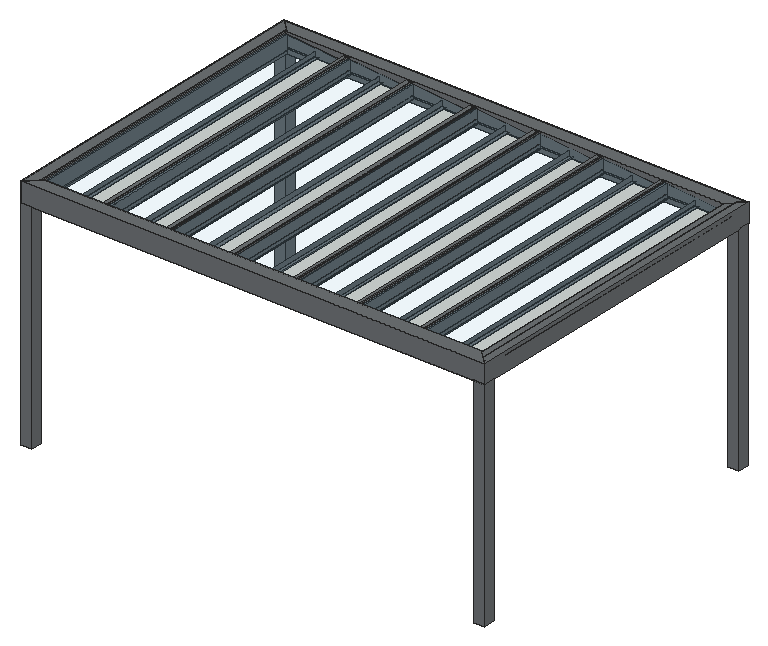
Revit family "Verano_V870_Belluno_GM_R21_Freestanding", category Generic Models, Revit 2021
Family settings
  Can host rebar = No
  Round Connector Dimension = Use Diameter
  Part Type = Normal
  Work Plane-Based = No
  Always vertical = Yes
  Cut with Voids When Loaded = No
  Shared = No
  Room Calculation Point = No
Parameters (values of type "TYPE 1 - Single")
  Width 2 Input (2500 - 4250mm) [instance] = 4250 mm
  Width 2 Constraint [instance] = if([Length 2 Input (1787 - 6000mm)] < 1787 mm, 1787 mm, if([Length 2 Input (1787 - 6000mm)] > 6000 mm, 6000 mm, [Length 2 Input (1787 - 6000mm)]))  # 6000 mm
  Width 1 Input (2500 - 4250mm) [instance] = 4250 mm
  Width 1 Constraint [instance] = if([Length 1 Input (1787 - 6000mm)] < 1787 mm, 1787 mm, if([Length 1 Input (1787 - 6000mm)] > 6000 mm, 6000 mm, [Length 1 Input (1787 - 6000mm)]))  # 6000 mm
  Warning - Width [instance] = if(or([Width 1 Input (2500 - 4250mm)] < 2500 mm, [Width 1 Input (2500 - 4250mm)] > 4250 mm, [Width 2 Input (2500 - 4250mm)] < 2500 mm, [Width 2 Input (2500 - 4250mm)] > 4250 mm), 1 = 1, 1 = 0)  # no
  Warning - Length [instance] = if(or([Length 1 Input (1787 - 6000mm)] < 1787 mm, [Length 1 Input (1787 - 6000mm)] > 6000 mm, [Length 2 Input (1787 - 6000mm)] < 1787 mm, [Length 2 Input (1787 - 6000mm)] > 6000 mm), 1 = 1, 1 = 0)  # no
  URL = ""
  Pillar Height Constraint [instance] = Height Constraint - 250 mm  # 2800 mm
  Panel Material [instance] = Glass
  Overall Width [instance] = if(TYPE = 1, Width 1 Constraint, if(TYPE = 3, Width 1 Constraint, Width 1 Constraint + Width 2 Constraint))  # 6000 mm
  Overall Depth [instance] = if(TYPE = 1, Depth 1 Constraint, if(TYPE = 2, Depth 1 Constraint, Depth 1 Constraint + Depth 2 Constraint))  # 4250 mm
  Model = "V870 Belluno"
  Manufacturer = "Verano Systems"
  Length 2 Input (1787 - 6000mm) [instance] = 6000 mm
  Length 1 Input (1787 - 6000mm) [instance] = 6000 mm
  Height Input (600 - 3050mm) [instance] = 3050 mm
  Height Constraint [instance] = if([Height Input (600 - 3050mm)] < 600 mm, 600 mm, if([Height Input (600 - 3050mm)] > 3050 mm, 3050 mm, [Height Input (600 - 3050mm)]))  # 3050 mm
  TYPE = 1
  Freestanding-Single = TYPE = 1  # yes
  Freestanding - Double Series = TYPE = 3  # no
  Freestanding - Double Parallel = TYPE = 2  # no
  Frame Material [instance] = V_Antracite
  Fabric Material [instance] = V_Fabric Beige
  Depth 2 Constraint [instance] = if([Width 2 Input (2500 - 4250mm)] < 2500 mm, 2500 mm, if([Width 2 Input (2500 - 4250mm)] > 4250 mm, 4250 mm, [Width 2 Input (2500 - 4250mm)]))  # 4250 mm
  Depth 1 Constraint [instance] = if([Width 1 Input (2500 - 4250mm)] < 2500 mm, 2500 mm, if([Width 1 Input (2500 - 4250mm)] > 4250 mm, 4250 mm, [Width 1 Input (2500 - 4250mm)]))  # 4250 mm
  Default Elevation = 0 mm
  Close Factor Constraint [instance] = if([Closing Factor (0-100%)] < 0, 0, if([Closing Factor (0-100%)] > 100, 100, [Closing Factor (0-100%)]))  # 50
  Closing Factor (0-100%) [instance] = 50
Types (3, lengths in mm): name | URL | Overall Width | Overall Depth | TYPE | Freestanding-Single | Freestanding - Double Series | Freestanding - Double Parallel | Close Factor Constraint | Closing Factor (0-100%)
  TYPE 1 - Single | "" | 6000 | 4250 | 1 | yes | no | no | 50 | 50
  TYPE 2 - Double Parallel | "" | 12000 | 4250 | 2 | no | no | yes | 50 | 50
  TYPE 3 - Double Series | "https://verano.nl/catalogus/lamellendaken" | 6000 | 8500 | 3 | no | yes | no | 100 | 100
Reference planes
  plane 1 "Center (Front/Back)": y = 0
  plane 2: z = 0
  plane 3 "Center (Left/Right)": x = 0
  plane 4: y = -4250
  plane 5: x = 6000
  plane 6: x = -6000
  plane 7: y = 4250
  plane 8: y = -4175
  plane 9: x = -5925
  plane 10: y = 4175
  plane 11: x = 5925
  plane 12: y = -75
  plane 13: x = -75
  plane 14: x = -3000
  plane 15: y = -2125
  plane 16: y = 2125
Lines and regions (mm)
  symbolic lines, style "GenericModelHiddenLines", visible <- "Freestanding - Double Series"
    curve 1: line (-6000, 4250, 0) -> (-6000, -4250, 0)
    curve 2: line (0, 4250, 0) -> (-6000, 4250, 0)
    curve 3: line (0, 4250, 0) -> (0, -4250, 0)
    curve 4: line (0, -4250, 0) -> (-6000, -4250, 0)
  symbolic lines, style "GenericModelHiddenLines", visible <- "Freestanding - Double Parallel"
    curve 5: line (6000, -4250, 0) -> (-6000, -4250, 0)
    curve 6: line (-6000, 0, 0) -> (-6000, -4250, 0)
    curve 7: line (6000, 0, 0) -> (6000, -4250, 0)
    curve 8: line (6000, 0, 0) -> (-6000, 0, 0)
  symbolic lines, style "GenericModelHiddenLines", visible <- "Freestanding-Single"
    curve 9: line (0, 0, 0) -> (-6000, 0, 0)
    curve 10: line (0, 0, 0) -> (0, -4250, 0)
    curve 11: line (0, -4250, 0) -> (-6000, -4250, 0)
    curve 12: line (-6000, 0, 0) -> (-6000, -4250, 0)
Dimensions and locks
  "Depth 1 Constraint": plane 4 to plane 1 "Center (Front/Back)"
  "Depth 2 Constraint": plane 1 "Center (Front/Back)" to plane 7
  "Width 1 Constraint": plane 6 to plane 3 "Center (Left/Right)"
  "Width 2 Constraint": plane 3 "Center (Left/Right)" to plane 5
  plane 4 to plane 7 = 8500 mm
  plane 6 to plane 5 = 12000 mm
  locked: plane 6 to plane 9 at 75
  locked: plane 4 to plane 8 at 75
  locked: plane 12 to plane 1 "Center (Front/Back)" at 75
  locked: plane 10 to plane 7 at 75
  locked: plane 13 to plane 3 "Center (Left/Right)" at 75
  locked: plane 11 to plane 5 at 75
  equal spacing: plane 6, plane 14, plane 3 "Center (Left/Right)"
  equal spacing: plane 4, plane 15, plane 1 "Center (Front/Back)"
  equal spacing: plane 1 "Center (Front/Back)", plane 16, plane 7
  aligned and locked: level to plane 2
  aligned and locked: nested 1 to plane 8
  aligned and locked: nested 1 to plane 9
  aligned and locked: plane 8 to nested 4
  aligned and locked: nested 4 to plane 13
  aligned and locked: nested 2 to plane 12
  aligned and locked: plane 9 to nested 2
  aligned and locked: plane 13 to nested 3
  aligned and locked: plane 12 to nested 3
  aligned and locked: nested 5 to plane 10
  aligned and locked: plane 9 to nested 5
  aligned and locked: plane 13 to nested 7
  aligned and locked: plane 10 to nested 7
  aligned and locked: nested 6 to plane 1 "Center (Front/Back)"
  aligned and locked: plane 9 to nested 6
  aligned and locked: plane 13 to nested 8
  aligned and locked: plane 1 "Center (Front/Back)" to nested 8
  aligned and locked: plane 11 to nested 10
  aligned and locked: plane 12 to nested 10
  aligned and locked: nested 12 to plane 3 "Center (Left/Right)"
  aligned and locked: plane 8 to nested 12
  aligned and locked: plane 12 to nested 11
  aligned and locked: plane 3 "Center (Left/Right)" to nested 11
  aligned and locked: nested 9 to plane 11
  aligned and locked: plane 8 to nested 9
  aligned and locked: nested 13 to plane 9
  aligned and locked: nested 13 to plane 8
  aligned and locked: plane 8 to nested 14
  aligned and locked: nested 14 to plane 13
  aligned and locked: plane 9 to nested 15
  aligned and locked: nested 15 to plane 12
  aligned and locked: nested 16 to plane 15
  aligned and locked: nested 16 to plane 14
  aligned and locked: nested 17 to plane 3 "Center (Left/Right)"
  aligned and locked: nested 17 to plane 15
  aligned and locked: nested 18 to plane 16
  aligned and locked: nested 18 to plane 14
  aligned and locked: curve 2 to plane 7
  aligned and locked: curve 3 to plane 3 "Center (Left/Right)"
  aligned and locked: curve 4 to plane 4
  aligned and locked: curve 5 to plane 4
  aligned and locked: curve 6 to plane 6
  aligned and locked: curve 7 to plane 5
  aligned and locked: curve 8 to plane 1 "Center (Front/Back)"
  aligned and locked: curve 9 to plane 1 "Center (Front/Back)"
  aligned and locked: curve 10 to plane 3 "Center (Left/Right)"
Nested families
  nested 1: "Pillar" at (-5925, -4175, 0), type "Pillar"
    with Pillar Height 2800 mm
  nested 2: "Pillar" at (-5925, -75, 0), visible <- "Freestanding-Single", type "Pillar"
    with Pillar Height 2800 mm
  nested 3: "Pillar" at (-75, -75, 0), visible <- "Freestanding-Single", type "Pillar"
    with Pillar Height 2800 mm
  nested 4: "Pillar" at (-75, -4175, 0), visible <- "Freestanding-Single", type "Pillar"
    with Pillar Height 2800 mm
  nested 5: "Pillar" at (-5925, 4175, 0), visible <- "Freestanding - Double Series", type "Pillar"
    with Pillar Height 2800 mm
  nested 6: "Pillar" at (-5925, 0, 0), visible <- "Freestanding - Double Series", type "Pillar"
    with Pillar Height 2800 mm
  nested 7: "Pillar" at (-75, 4175, 0), visible <- "Freestanding - Double Series", type "Pillar"
    with Pillar Height 2800 mm
  nested 8: "Pillar" at (-75, 0, 0), visible <- "Freestanding - Double Series", type "Pillar"
    with Pillar Height 2800 mm
  nested 9: "Pillar" at (5925, -4175, 0), visible <- "Freestanding - Double Parallel", type "Pillar"
    with Pillar Height 2800 mm
  nested 10: "Pillar" at (5925, -75, 0), visible <- "Freestanding - Double Parallel", type "Pillar"
    with Pillar Height 2800 mm
  nested 11: "Pillar" at (0, -75, 0), visible <- "Freestanding - Double Parallel", type "Pillar"
    with Pillar Height 2800 mm
  nested 12: "Pillar" at (0, -4175, 0), visible <- "Freestanding - Double Parallel", type "Pillar"
    with Pillar Height 2800 mm
  nested 13: "Pillar" at (-5925, -4175, 0), visible <- "Freestanding - Double Parallel", type "Pillar"
    with Pillar Height 2800 mm
  nested 14: "Pillar" at (-75, -4175, 0), visible <- "Freestanding - Double Series", type "Pillar"
    with Pillar Height 2800 mm
  nested 15: "Pillar" at (-5925, -75, 0), visible <- "Freestanding - Double Parallel", type "Pillar"
    with Pillar Height 2800 mm
  nested 16: "Frame_TYPE 1" at (-3000, -2125, 2800), built-in parameter 1001360 <- "Pillar Height Constraint", type "Frame_TYPE 1"
    with Width 6000 mm, Segment Width 817.857 mm, Openness Percentage (1 - 100) 50, Openness Maximal 737.857 mm, Internal Width 5645 mm, Internal Depth 3895 mm, Glass Width 788.418 mm, Fabric Width 433.929 mm, Fabric Openness 368.929 mm, Depth 4250 mm, Clear Segment Width 737.857 mm, Angle 2 4.61966°, Angle 1 4.61966°
  nested 17: "Frame_TYPE 1" at (2997.5, -2125, 2800), built-in parameter 1001360 <- "Pillar Height Constraint", visible <- "Freestanding - Double Parallel", type "Frame_TYPE 2"
    with Width 6000 mm, Segment Width 817.857 mm, Openness Percentage (1 - 100) 50, Openness Maximal 737.857 mm, Internal Width 5645 mm, Internal Depth 3895 mm, Glass Width 788.418 mm, Fabric Width 433.929 mm, Fabric Openness 368.929 mm, Depth 4250 mm, Clear Segment Width 737.857 mm, Angle 2 4.61966°, Angle 1 4.61966°
  nested 18: "Frame_TYPE 1" at (-3000, 2125, 2800), visible <- "Freestanding - Double Series", built-in parameter 1001360 <- "Pillar Height Constraint", type "Frame_TYPE 3"
    with Width 6000 mm, Segment Width 817.857 mm, Openness Percentage (1 - 100) 50, Openness Maximal 737.857 mm, Internal Width 5645 mm, Internal Depth 3895 mm, Glass Width 788.418 mm, Fabric Width 433.929 mm, Fabric Openness 368.929 mm, Depth 4250 mm, Clear Segment Width 737.857 mm, Angle 2 4.61966°, Angle 1 4.61966°
Definition of nested family "Pillar"
  Parameters (values of type "Pillar")
    Pillar Height = 2500 mm
    Frame Material = none
    Default Elevation = 0 mm
  Reference planes
    plane 1 "Center (Front/Back)": y = 0
    plane 2: z = 0
    plane 3 "Center (Left/Right)": x = 0
    plane 4: z = 2500
  Forms (mm)
    Extrusion 1, solid, material <- "Frame Material"
      sketch origin (0, 0, 0) x (1, 0, 0) y (0, 1, 0)
        loop
          line (73, 75) -> (-73, 75) -> (-75, 73) -> (-75, -73) -> (-73, -75) -> (73, -75) -> (75, -73) -> (75, 73) -> (73, 75)
      from 0 to 2500
  Dimensions and locks
    "Pillar Height": plane 4 to level
    aligned and locked: level to plane 2
    aligned and locked: plane 4 to Extrusion 1
  Automatic sketch dimensions
    Extrusion 1 sketch curve to Extrusion 1 sketch curve = 2 mm  (x7)
    Extrusion 1 sketch curve to plane 1 "Center (Front/Back)" = 73 mm  (x2)
    Extrusion 1 sketch curve to plane 3 "Center (Left/Right)" = 75 mm
    plane 3 "Center (Left/Right)" to Extrusion 1 sketch curve = 73 mm
    plane 1 "Center (Front/Back)" to Extrusion 1 sketch curve = 73 mm
Definition of nested family "Frame_TYPE 1"
  Parameters (values of type "Frame_TYPE 1")
    Width = 5987 mm
    Segment Width = (Internal Width + 80 mm) / Number of Segments Constraint  # 816 mm
    Panel Material = none
    Openness Percentage (1 - 100) = 25
    Openness Maximal = Segment Width - 80 mm  # 736 mm
    Openness Minimal = 0 mm  # constant formula
    Number of Segments Constraint = if(Number of Segments < 3, 3, Number of Segments)  # 7
    Number of Segments = Internal Width / 800 mm  # 7
    Number of Rails = Number of Segments Constraint - 1  # 6
    Internal Width = Width - 2 * 177.5 mm  # 5632 mm
    Internal Depth = Depth - 2 * 177.5 mm  # 3632 mm
    Glass Width = sqrt((Segment Width - 2 * 16 mm) ^ 2 + 63.5 mm ^ 2)  # 786.567 mm
    Frame Material = none
    Fabric Width = Fabric Openness + 30 mm + 35 mm  # 249 mm
    Fabric Openness = (Openness Maximal - Openness Minimal) * [Openness Percentage (1 - 100)] / 100  # 184 mm
    Fabric Material = none
    Depth = 3987 mm
    Default Elevation = 0 mm
    Clear Segment Width = Segment Width - 80 mm  # 736 mm
    Angle 2 = asin(63.5 mm / Glass Width)  # 4.63056°
    Angle 1 = acos((Segment Width - 2 * 16 mm) / Glass Width)  # 4.63056°
  Reference planes
    plane 1 "Center (Front/Back)": y = 0
    plane 2: z = 0
    plane 3 "Center (Left/Right)": x = 0
    plane 4: x = 2993.5
    plane 5: x = -2993.5
    plane 6: y = 1993.5
    plane 7: y = -1993.5
    plane 8: x = -2816
    plane 9: x = 2816
    plane 10: y = 1816
    plane 11: y = -1816
    plane 12: x = -2856
    plane 13 "C1": x = -2040
    plane 14: x = 2856
    plane 15: x = 2040
    plane 16: x = -2224
    plane 17: x = 2672
    plane 18 "Fabric": z = 67
  Lines and regions (mm)
    model lines
      curve 1: line (-2815.998, 0, 247.618) -> (-2840, 0, 247.618)
      curve 2: line (-2815.998, 0, 231.618) -> (-2815.998, 0, 247.618)
      curve 3: line (-2840, 0, 247.618) -> (-2840, 0, 224.659)
  Dimensions and locks
    equal spacing: plane 5, plane 3 "Center (Left/Right)", plane 4
    "Width": plane 5 to plane 4
    equal spacing: plane 7, plane 1 "Center (Front/Back)", plane 6
    "Depth": plane 7 to plane 6
    locked: plane 7 to plane 11 at 177.5
    locked: plane 10 to plane 6 at 177.5
    locked: plane 5 to plane 8 at 177.5
    locked: plane 9 to plane 4 at 177.5
    locked: plane 5 to plane 12 at 137.5
    "Segment Width": plane 12 to plane 13 "C1"
    locked: plane 14 to plane 4 at 137.5
    "Segment Width": plane 15 to plane 14
    plane 13 "C1" to plane 15 = 4080 mm
    "Fabric Openness": plane 16 to plane 13 "C1"
    "Fabric Openness": plane 17 to plane 14
    equal spacing: group 1, group 3, group 4, group 10, group 11, group 2  (x3)
    equal spacing: group 5, group 7, group 8, group 9, group 12, group 13, group 6  (x3)
    aligned and locked: level to plane 2
    aligned and locked: nested 1 to plane 1 "Center (Front/Back)"
    aligned and locked: plane 1 "Center (Front/Back)" to nested 2
    aligned and locked: plane 5 to nested 1
    aligned and locked: plane 4 to nested 2
    aligned and locked: nested 4 to plane 3 "Center (Left/Right)"
    aligned and locked: plane 3 "Center (Left/Right)" to nested 3
    aligned and locked: nested 3 to plane 6
    aligned and locked: nested 4 to plane 7
    aligned and locked: nested 5 to plane 1 "Center (Front/Back)"
    aligned and locked: nested 6 to plane 1 "Center (Front/Back)"
    aligned and locked: plane 16 to nested 6
    aligned and locked: plane 13 "C1" to nested 5
    aligned and locked: plane 1 "Center (Front/Back)" to nested 7
    aligned and locked: plane 15 to nested 7
    aligned and locked: plane 1 "Center (Front/Back)" to nested 10
    aligned and locked: plane 17 to nested 10
  Automatic sketch dimensions
    plane 12 to curve 3 = 16 mm
    plane 8 to curve 2 = 0.002 mm
    curve 2 to curve 1 = 16 mm
    curve 3 to curve 1 = 22.959 mm
    curve 2 to plane 18 "Fabric" = 180.618 mm
  Nested families
    nested 1: "External Profile_P3" at (-2993.5, 0, 0), type "External Profile_P3"
      with Length 3987 mm, Glass Width 786.567 mm, Glass Angle 4.63056°
    nested 2: "External Profile_P2" at (2993.5, 0, 0), type "External Profile_P2"
      with Length 3987 mm
    nested 3: "External Profile_P1" at (0, 1993.5, 0), type "External Profile_P1"
      with Length 5987 mm
    nested 4: "External Profile_P1" at (0, -1993.5, 0) x (-1, 0, 0) z (0, 0, 1), type "External Profile_P1"
      with Length 5987 mm
    nested 5: "Middle Rail" at (-2040, 0, 0), type "Middle Rail"
      with Glass Width 786.567 mm, Glass Angle 4.63056°
    nested 6: "Sliding Mask" at (-2224, 0, 0), type "Sliding Mask"
      with Length 3632 mm, Fabric Width 249 mm
    nested 7: "Middle Rail" at (2040, 0, 0), type "Middle Rail"
      with Glass Width 786.567 mm, Glass Angle 4.63056°
    nested 8: "Middle Rail" at (-1224, 0, 0), type "Middle Rail"
      with Glass Width 786.567 mm, Glass Angle 4.63056°
    nested 9: "Middle Rail" at (-408, 0, 0), type "Middle Rail"
      with Glass Width 786.567 mm, Glass Angle 4.63056°
    nested 10: "Sliding Mask" at (2672, 0, 0), type "Sliding Mask"
      with Length 3632 mm, Fabric Width 249 mm
    nested 11: "Sliding Mask" at (-1408, 0, 0), type "Sliding Mask"
      with Length 3632 mm, Fabric Width 249 mm
    nested 12: "Sliding Mask" at (-592, 0, 0), type "Sliding Mask"
      with Length 3632 mm, Fabric Width 249 mm
    nested 13: "Sliding Mask" at (224, 0, 0), type "Sliding Mask"
      with Length 3632 mm, Fabric Width 249 mm
    nested 14: "Middle Rail" at (408, 0, 0), type "Middle Rail"
      with Glass Width 786.567 mm, Glass Angle 4.63056°
    nested 15: "Middle Rail" at (1224, 0, 0), type "Middle Rail"
      with Glass Width 786.567 mm, Glass Angle 4.63056°
    nested 16: "Sliding Mask" at (1040, 0, 0), type "Sliding Mask"
      with Length 3632 mm, Fabric Width 249 mm
    nested 17: "Sliding Mask" at (1856, 0, 0), type "Sliding Mask"
      with Length 3632 mm, Fabric Width 249 mm
  Definition of nested family "External Profile_P3"
    Parameters (values of type "External Profile_P3")
      Panel Material = none
      Length = 5000 mm
      Glass Width = 250 mm
      Glass Angle = 5.10°
      Frame Material = none
      Default Elevation = 0 mm
    Reference planes
      plane 1 "Center (Front/Back)": y = 0
      plane 2: z = 0
      plane 3 "Center (Left/Right)": x = 0
      plane 4: y = 2500
      plane 5: y = -2500
      plane 6: y = 2322.49
      plane 7: y = -2322.49
      plane 8: x = 177.502
      plane 9 "GSH": z = 224.618
      plane 10 "GSV": x = 153.502
      plane 11: z = 228.618
      plane 12: z = 220.618
    Forms (mm)
      Extrusion 1, solid, material <- "Frame Material"
        sketch origin (0, 0, 0) x (1, 0, 0) y (0, 0, 1)
          loop
            line (0, 247.618) -> (0, 0) -> (177.502, 0) -> (177.502, 27) -> (160.754, 27) -> (151.502, 17.747) -> (151.502, 3) -> (2.5, 3) -> (2.5, 245.121) -> (142.51, 245.121) -> (142.51, 207.121) -> (175.51, 207.121) -> (175.51, 34.872) -> (137.76, 34.872) -> (137.76, 32.072) -> (175.51, 32.072)
            arc (175.51, 32.072) -> (176.924, 32.658) -> (177.51, 34.072) r 2
            line (177.51, 34.072) -> (177.51, 216.228) -> (160.51, 217.715) -> (160.51, 209.121) -> (144.51, 209.121) -> (144.51, 245.121) -> (175.885, 245.121) -> (175.885, 238.421) -> (177.502, 238.421) -> (177.502, 245.618)
            arc (177.502, 245.618) -> (176.916, 247.032) -> (175.502, 247.618) r 2
            line (175.502, 247.618) -> (0, 247.618)
        from -2500 to 2500
      Extrusion 2, void
        sketch origin (0, 0, 0) x (1, 0, 0) y (0, 1, 0)
          loop
            line (0, 2500) -> (177.51, 2322.49) -> (354.287, 2499.267) -> (176.777, 2676.777) -> (0, 2500)
        from 0 to 250
      Extrusion 3, void
        sketch origin (0, 0, 0) x (1, 0, 0) y (0, 1, 0)
          loop
            line (0, -2500) -> (176.777, -2676.777) -> (354.287, -2499.267) -> (177.51, -2322.49) -> (0, -2500)
        from 0 to 250
      Revolve 4, solid, not visible
        sketch origin (153.502, 0, 0) x (0, 0, -1) y (0, -1, 0)
          loop
            line (-228.618, -2322.49) -> (-220.618, -2322.49) -> (-220.618, 2322.49) -> (-228.618, 2322.49) -> (-228.618, -2322.49)
          axis (-220.618, 2322.49) -> (-220.618, -2322.49)
        angle from 5.1 <- "Glass Angle" to -90
      Extrusion 5, solid, material <- "Panel Material"
        sketch origin (153.502, -2826.516, 220.618) x (0, 1, 0) y (0.088894, 0, 0.996041)
          loop
            line (5149.006, 8) -> (504.026, 8) -> (504.026, 0) -> (5149.006, 0) -> (5149.006, 8)
        from 0 to 250 <- "Glass Width"
    Cuts and joins
      Extrusion 2, Extrusion 3 cuts Extrusion 1
    Dimensions and locks
      equal spacing: plane 5, plane 1 "Center (Front/Back)", plane 4
      "Length": plane 5 to plane 4
      locked: plane 6 to plane 4 at 177.51
      locked: plane 5 to plane 7 at 177.51
      locked: plane 3 "Center (Left/Right)" to plane 8 at 177.502
      locked: plane 10 "GSV" to plane 8 at 24
      locked: plane 9 "GSH" to plane 2 at 224.618
      equal spacing: plane 11, plane 9 "GSH", plane 12
      locked: plane 11 to plane 12 at 8
      aligned and locked: level to plane 2
      aligned and locked: Extrusion 1 to plane 4
      aligned and locked: plane 5 to Extrusion 1
      aligned and locked: plane 4 to Extrusion 2 sketch curve
      aligned and locked: plane 6 to Extrusion 2 sketch curve
      aligned and locked: plane 7 to Extrusion 3 sketch curve
      aligned and locked: plane 5 to Extrusion 3 sketch curve
      aligned and locked: plane 6 to Revolve 4 sketch curve
      aligned and locked: plane 11 to Revolve 4 sketch curve
      aligned and locked: plane 12 to Revolve 4 sketch curve
      aligned and locked: Revolve 4 sketch curve to plane 7
      aligned and locked: Extrusion 5 sketch curve to Revolve 4  (x3)
      aligned and locked: Revolve 4 to Extrusion 5 sketch curve
    Automatic sketch dimensions
      Extrusion 1 sketch curve to level = 0 mm
      Extrusion 1 sketch curve to plane 3 "Center (Left/Right)" = 0 mm
      plane 8 to Extrusion 1 sketch curve = 0 mm
      plane 3 "Center (Left/Right)" to Extrusion 1 sketch curve = 2.5 mm
      plane 8 to Extrusion 1 sketch curve = 39.742 mm
      plane 8 to Extrusion 1 sketch curve = 34.992 mm
      Extrusion 1 sketch curve to Extrusion 1 sketch curve = 2 mm  (x2)
      level to Extrusion 1 sketch curve = 3 mm
      plane 8 to Extrusion 1 sketch curve = 26.001 mm
      plane 8 to Extrusion 1 sketch curve = 16.992 mm
      Extrusion 1 sketch curve to Extrusion 1 sketch curve = 9.253 mm
      plane 8 to Extrusion 1 sketch curve = 2 mm
      plane 8 to Extrusion 1 sketch curve = 1.992 mm  (x2)
      plane 8 to Extrusion 1 sketch curve = 1.618 mm
      plane 8 to Extrusion 1 sketch curve = 0.001 mm
      Extrusion 1 sketch curve to plane 8 = 0.008 mm
      Extrusion 1 sketch curve to Extrusion 1 sketch curve = 14.747 mm
      level to Extrusion 1 sketch curve = 27 mm
      Extrusion 1 sketch curve to Extrusion 1 sketch curve = 5.072 mm
      Extrusion 1 sketch curve to Extrusion 1 sketch curve = 2.8 mm
      Extrusion 1 sketch curve to Extrusion 1 sketch curve = 172.249 mm
      Extrusion 1 sketch curve to Extrusion 1 sketch curve = 9.107 mm
      Extrusion 1 sketch curve to Extrusion 1 sketch curve = 8.594 mm
      Extrusion 1 sketch curve to Extrusion 1 sketch curve = 22.193 mm
      Extrusion 1 sketch curve to Extrusion 1 sketch curve = 27.406 mm
      Extrusion 1 sketch curve to Extrusion 1 sketch curve = 6.7 mm
      Extrusion 1 sketch curve to Extrusion 1 sketch curve = 0.497 mm
      Extrusion 2 sketch curve to plane 3 "Center (Left/Right)" = 0 mm
      plane 8 to Extrusion 2 sketch curve = 0.725 mm
      Extrusion 2 sketch curve to plane 8 = 0.008 mm
      Extrusion 3 sketch curve to plane 3 "Center (Left/Right)" = 0 mm
      plane 8 to Extrusion 3 sketch curve = 0.725 mm
      Extrusion 3 sketch curve to plane 8 = 0.008 mm
      plane 12 to Revolve 4 sketch curve = 0 mm
      Revolve 4 sketch curve to plane 4 = 176.777 mm
      plane 5 to Revolve 4 sketch curve = 326.516 mm
  Definition of nested family "External Profile_P2"
    Parameters (values of type "External Profile_P2")
      Length = 3000 mm
      Frame Material = none
      Default Elevation = 0 mm
    Reference planes
      plane 1 "Center (Front/Back)": y = 0
      plane 2: z = 0
      plane 3 "Center (Left/Right)": x = 0
      plane 4: y = 1500
      plane 5: y = -1500
      plane 6: x = -177.502
      plane 7: y = 1322.498
      plane 8: y = -1322.498
    Forms (mm)
      Extrusion 1, solid, material <- "Frame Material"
        sketch origin (0, 0, 0) x (1, 0, 0) y (0, 0, 1)
          loop
            line (0, 247.618) -> (-175.502, 247.618)
            arc (-175.502, 247.618) -> (-176.916, 247.032) -> (-177.502, 245.618) r 2
            line (-177.502, 245.618) -> (-177.502, 238.421) -> (-175.885, 238.421) -> (-175.885, 245.121) -> (-147.002, 245.121) -> (-147.002, 237.921) -> (-173.5, 237.921) -> (-173.5, 179.916) -> (-145.5, 179.916) -> (-145.5, 174.621) -> (-132.5, 161.621) -> (-132.5, 152.534) -> (-173.5, 156.121) -> (-173.5, 113.121)
            arc (-173.5, 113.121) -> (-172.036, 109.585) -> (-168.5, 108.121) r 5
            line (-168.5, 108.121) -> (-99.5, 108.121) -> (-99.5, 245.121) -> (-2.5, 245.121) -> (-2.5, 3) -> (-116.5, 3) -> (-116.5, 68.001) -> (-118.5, 68.001) -> (-118.5, 27) -> (-138.002, 27) -> (-138.002, 17) -> (-150.754, 17) -> (-160.754, 27) -> (-177.502, 27) -> (-177.502, 0) -> (0, 0) -> (0, 247.618)
          loop
            arc (-115.65, 83.486) -> (-119.983, 87.122) -> (-123.619, 82.789) r 4
            line (-123.619, 82.789) -> (-122.5, 69.995) -> (-122.5, 47.134)
            arc (-122.5, 47.134) -> (-122.793, 46.427) -> (-123.5, 46.134) r 1
            line (-123.5, 46.134) -> (-130.5, 46.134)
            arc (-130.5, 46.134) -> (-130.962, 45.825) -> (-130.854, 45.28) r 0.5
            line (-130.854, 45.28) -> (-129.5, 43.927) -> (-129.5, 43.136) -> (-128.5, 42.136) -> (-129.5, 41.136) -> (-129.5, 40.345) -> (-130.854, 38.991)
            arc (-130.854, 38.991) -> (-130.962, 38.446) -> (-130.5, 38.137) r 0.5
            line (-130.5, 38.137) -> (-123, 38.137)
            arc (-123, 38.137) -> (-121.586, 38.723) -> (-121, 40.137) r 2
            line (-121, 40.137) -> (-121, 70.06) -> (-122.125, 82.92)
            arc (-122.125, 82.92) -> (-119.852, 85.628) -> (-117.144, 83.355) r 2.5
            line (-117.144, 83.355) -> (-115.75, 67.42) -> (-115.75, 60.975) -> (-114.25, 60.975) -> (-114.25, 67.487) -> (-115.65, 83.486)
        from -1500 to 1500
      Extrusion 2, void
        sketch origin (0, 0, 0) x (1, 0, 0) y (0, 1, 0)
          loop
            line (-177.502, 1322.498) -> (0, 1500) -> (-176.777, 1676.777) -> (-354.279, 1499.275) -> (-177.502, 1322.498)
        from 0 to 250
      Extrusion 3, void
        sketch origin (0, 0, 0) x (1, 0, 0) y (0, 1, 0)
          loop
            line (-177.502, -1322.498) -> (-354.279, -1499.275) -> (-176.777, -1676.777) -> (0, -1500) -> (-177.502, -1322.498)
        from 0 to 250
    Cuts and joins
      Extrusion 2, Extrusion 3 cuts Extrusion 1
    Dimensions and locks
      equal spacing: plane 5, plane 1 "Center (Front/Back)", plane 4
      "Length": plane 5 to plane 4
      locked: plane 7 to plane 4 at 177.502
      locked: plane 6 to plane 3 "Center (Left/Right)" at 177.502  (x2)
      locked: plane 5 to plane 8 at 177.502
      aligned and locked: level to plane 2
      aligned and locked: Extrusion 1 to plane 4
      aligned and locked: plane 5 to Extrusion 1
      aligned and locked: plane 7 to Extrusion 2 sketch curve
      aligned and locked: plane 4 to Extrusion 2 sketch curve
      aligned and locked: plane 8 to Extrusion 3 sketch curve
      aligned and locked: plane 5 to Extrusion 3 sketch curve
    Automatic sketch dimensions
      Extrusion 1 sketch curve to Extrusion 1 sketch curve = 0 mm  (x4)
      Extrusion 1 sketch curve to plane 6 = 0 mm
      Extrusion 1 sketch curve to level = 0 mm
      Extrusion 1 sketch curve to plane 3 "Center (Left/Right)" = 0 mm
      plane 6 to Extrusion 1 sketch curve = 0.001 mm
      plane 6 to Extrusion 1 sketch curve = 1.618 mm
      Extrusion 1 sketch curve to Extrusion 1 sketch curve = 0.382 mm
      Extrusion 1 sketch curve to Extrusion 1 sketch curve = 2.385 mm
      plane 6 to Extrusion 1 sketch curve = 4.002 mm
      Extrusion 1 sketch curve to Extrusion 1 sketch curve = 5 mm
      Extrusion 1 sketch curve to Extrusion 1 sketch curve = 16.747 mm
      Extrusion 1 sketch curve to Extrusion 1 sketch curve = 10 mm  (x2)
      Extrusion 1 sketch curve to Extrusion 1 sketch curve = 26.498 mm
      Extrusion 1 sketch curve to Extrusion 1 sketch curve = 28 mm
      Extrusion 1 sketch curve to Extrusion 1 sketch curve = 12.753 mm
      Extrusion 1 sketch curve to Extrusion 1 sketch curve = 13 mm  (x2)
      Extrusion 1 sketch curve to Extrusion 1 sketch curve = 7.148 mm
      Extrusion 1 sketch curve to Extrusion 1 sketch curve = 0.354 mm  (x3)
      Extrusion 1 sketch curve to Extrusion 1 sketch curve = 1.354 mm  (x3)
      Extrusion 1 sketch curve to Extrusion 1 sketch curve = 1 mm  (x3)
      Extrusion 1 sketch curve to Extrusion 1 sketch curve = 6.881 mm
      Extrusion 1 sketch curve to Extrusion 1 sketch curve = 6 mm
      Extrusion 1 sketch curve to Extrusion 1 sketch curve = 5.5 mm
      Extrusion 1 sketch curve to Extrusion 1 sketch curve = 1.494 mm  (x2)
      Extrusion 1 sketch curve to Extrusion 1 sketch curve = 1.5 mm  (x2)
      Extrusion 1 sketch curve to Extrusion 1 sketch curve = 2.49 mm  (x2)
      Extrusion 1 sketch curve to Extrusion 1 sketch curve = 4.5 mm
      Extrusion 1 sketch curve to Extrusion 1 sketch curve = 2 mm
      Extrusion 1 sketch curve to Extrusion 1 sketch curve = 0.75 mm
      Extrusion 1 sketch curve to Extrusion 1 sketch curve = 47.502 mm
      Extrusion 1 sketch curve to plane 3 "Center (Left/Right)" = 2.5 mm
      level to Extrusion 1 sketch curve = 3 mm
      level to Extrusion 1 sketch curve = 17 mm
      level to Extrusion 1 sketch curve = 27 mm
      Extrusion 1 sketch curve to Extrusion 1 sketch curve = 11.137 mm
      Extrusion 1 sketch curve to Extrusion 1 sketch curve = 0.5 mm  (x2)
      Extrusion 1 sketch curve to Extrusion 1 sketch curve = 0.791 mm  (x2)
      Extrusion 1 sketch curve to Extrusion 1 sketch curve = 13.841 mm
      Extrusion 1 sketch curve to Extrusion 1 sketch curve = 6.444 mm
      Extrusion 1 sketch curve to Extrusion 1 sketch curve = 0.067 mm
      Extrusion 1 sketch curve to Extrusion 1 sketch curve = 0.581 mm
      Extrusion 1 sketch curve to Extrusion 1 sketch curve = 1.994 mm
      Extrusion 1 sketch curve to Extrusion 1 sketch curve = 0.065 mm
      Extrusion 1 sketch curve to Extrusion 1 sketch curve = 12.794 mm
      Extrusion 1 sketch curve to Extrusion 1 sketch curve = 0.131 mm
      Extrusion 1 sketch curve to Extrusion 1 sketch curve = 0.218 mm
      Extrusion 1 sketch curve to Extrusion 1 sketch curve = 24.635 mm
      Extrusion 1 sketch curve to Extrusion 1 sketch curve = 39.413 mm
      Extrusion 1 sketch curve to Extrusion 1 sketch curve = 3.587 mm
      Extrusion 1 sketch curve to Extrusion 1 sketch curve = 9.087 mm
      Extrusion 1 sketch curve to Extrusion 1 sketch curve = 5.295 mm
      Extrusion 1 sketch curve to Extrusion 1 sketch curve = 58.005 mm
      Extrusion 1 sketch curve to Extrusion 1 sketch curve = 7.2 mm  (x2)
      Extrusion 1 sketch curve to Extrusion 1 sketch curve = 0.497 mm
      Extrusion 2 sketch curve to plane 6 = 0 mm
      Extrusion 2 sketch curve to plane 3 "Center (Left/Right)" = 0 mm
      plane 4 to Extrusion 2 sketch curve = 0.725 mm
      Extrusion 3 sketch curve to plane 6 = 0 mm
      Extrusion 3 sketch curve to plane 3 "Center (Left/Right)" = 0 mm
      Extrusion 3 sketch curve to plane 5 = 0.725 mm
  Definition of nested family "External Profile_P1"
    Parameters (values of type "External Profile_P1")
      Length = 2000 mm
      Frame Material = none
      Default Elevation = 0 mm
    Reference planes
      plane 1 "Center (Front/Back)": y = 0
      plane 2: z = 0
      plane 3 "Center (Left/Right)": x = 0
      plane 4: x = -1000
      plane 5: x = 1000
      plane 6: x = -822.498
      plane 7: y = -177.502
      plane 8: x = 822.498
    Forms (mm)
      Extrusion 1, solid, material <- "Frame Material"
        sketch origin (0, 0, 0) x (0, 1, 0) y (0, 0, 1)
          loop
            line (0, 0) -> (0, 247.618) -> (-177.502, 247.618) -> (-177.502, 81.376) -> (-175.003, 81.376) -> (-175.003, 245.121) -> (-2.5, 245.121) -> (-2.5, 3) -> (-175.003, 3) -> (-175.003, 56.5) -> (-177.502, 56.5) -> (-177.502, 0) -> (0, 0)
        from -1000 to 1000
      Extrusion 2, void
        sketch origin (0, 0, 0) x (1, 0, 0) y (0, 1, 0)
          loop
            line (-1000, 0) -> (-1176.777, -176.777) -> (-999.275, -354.278) -> (-822.498, -177.502) -> (-1000, 0)
        from 0 to 250
      Extrusion 3, void
        sketch origin (0, 0, 0) x (-1, 0, 0) y (0, -1, 0)
          loop
            line (-1000, 0) -> (-822.498, 177.502) -> (-999.275, 354.278) -> (-1176.777, 176.777) -> (-1000, 0)
        from 0 to 250
    Cuts and joins
      Extrusion 2, Extrusion 3 cuts Extrusion 1
    Dimensions and locks
      equal spacing: plane 4, plane 3 "Center (Left/Right)", plane 5
      "Length": plane 4 to plane 5
      locked: plane 4 to plane 6 at 177.502
      locked: plane 7 to plane 1 "Center (Front/Back)" at 177.502
      locked: plane 8 to plane 5 at 177.502
      aligned and locked: level to plane 2
      aligned and locked: Extrusion 1 to plane 4
      aligned and locked: plane 5 to Extrusion 1
      aligned and locked: plane 1 "Center (Front/Back)" to Extrusion 2 sketch curve
      aligned and locked: plane 6 to Extrusion 2 sketch curve
      aligned and locked: plane 4 to Extrusion 2 sketch curve
      aligned and locked: plane 8 to Extrusion 3 sketch curve
      aligned and locked: plane 5 to Extrusion 3 sketch curve
    Automatic sketch dimensions
      Extrusion 1 sketch curve to plane 7 = 0 mm  (x2)
      Extrusion 1 sketch curve to level = 0 mm
      Extrusion 1 sketch curve to plane 1 "Center (Front/Back)" = 0 mm
      plane 7 to Extrusion 1 sketch curve = 2.498 mm  (x2)
      plane 1 "Center (Front/Back)" to Extrusion 1 sketch curve = 2.5 mm
      level to Extrusion 1 sketch curve = 3 mm
      Extrusion 1 sketch curve to Extrusion 1 sketch curve = 53.5 mm
      Extrusion 1 sketch curve to Extrusion 1 sketch curve = 24.876 mm
      Extrusion 1 sketch curve to Extrusion 1 sketch curve = 163.745 mm
      Extrusion 1 sketch curve to Extrusion 1 sketch curve = 2.497 mm
      Extrusion 2 sketch curve to plane 7 = 0 mm
      plane 7 to Extrusion 2 sketch curve = 0.725 mm
      plane 1 "Center (Front/Back)" to Extrusion 3 sketch curve = 0 mm
      Extrusion 3 sketch curve to plane 7 = 0 mm
      plane 7 to Extrusion 3 sketch curve = 0.725 mm
  Definition of nested family "Middle Rail"
    Parameters (values of type "Middle Rail")
      Panel Material = none
      Length = 3632 mm
      Glass Width = 713.232 mm
      Glass Angle = 5.10788°
      Frame Material = none
      Default Elevation = 0 mm
    Reference planes
      plane 1 "Center (Front/Back)": y = 0
      plane 2: z = 0
      plane 3 "Center (Left/Right)": x = 0
      plane 4: y = 1816
      plane 5: y = -1816
      plane 6: x = 15.558
      plane 7: z = 224.696
      plane 8: z = 161.199
      plane 9: x = -15.558
      plane 10: z = 225
      plane 11 "22": x = 16.5
      plane 12: z = 221
      plane 13: z = 229
    Forms (mm)
      Extrusion 1, solid, material <- "Frame Material"
        sketch origin (0, 0, 0) x (1, 0, 0) y (0, 0, 1)
          loop
            line (-35.5, 237.921) -> (-35.5, 179.916) -> (-16.5, 179.916) -> (-16.5, 184.916) -> (-7.5, 184.916) -> (-7.5, 174.621) -> (5.5, 161.621) -> (5.5, 110.134) -> (-30.5, 110.134)
            arc (-30.5, 110.134) -> (-32.621, 111.013) -> (-33.5, 113.134) r 3
            line (-33.5, 113.134) -> (-33.5, 149.121) -> (-21.5, 149.121)
            arc (-21.5, 149.121) -> (-19.379, 150) -> (-18.5, 152.121) r 3
            line (-18.5, 152.121) -> (-18.5, 154.634) -> (-35.5, 156.121) -> (-35.5, 113.121)
            arc (-35.5, 113.121) -> (-34.036, 109.585) -> (-30.5, 108.121) r 5
            line (-30.5, 108.121) -> (38.5, 108.121) -> (38.5, 103.402) -> (25.603, 97.388) -> (25.603, 96.569) -> (28.58, 96.569) -> (38.5, 101.195) -> (38.5, 34.872) -> (0.75, 34.872) -> (0.75, 32.072) -> (38.5, 32.072)
            arc (38.5, 32.072) -> (39.914, 32.658) -> (40.5, 34.072) r 2
            line (40.5, 34.072) -> (40.5, 216.228) -> (23.5, 217.715) -> (23.5, 209.121) -> (7.5, 209.121) -> (7.5, 236.121) -> (36.7, 236.121) -> (36.7, 232.421) -> (38.5, 232.421) -> (38.5, 235.921)
            arc (38.5, 235.921) -> (37.914, 237.335) -> (36.5, 237.921) r 2
            line (36.5, 237.921) -> (-35.5, 237.921)
          loop
            line (35.056, 83.407) -> (36.45, 67.471) -> (36.45, 61.027) -> (37.95, 61.027) -> (37.95, 67.539) -> (36.551, 83.538)
            arc (36.551, 83.538) -> (32.217, 87.174) -> (28.581, 82.841) r 4
            line (28.581, 82.841) -> (29.7, 70.047) -> (29.7, 47.186)
            arc (29.7, 47.186) -> (29.408, 46.479) -> (28.7, 46.186) r 1
            line (28.7, 46.186) -> (21.7, 46.186)
            arc (21.7, 46.186) -> (21.238, 45.877) -> (21.347, 45.332) r 0.5
            line (21.347, 45.332) -> (22.7, 43.979) -> (22.7, 43.187) -> (23.7, 42.187) -> (22.7, 41.187) -> (22.7, 40.396) -> (21.347, 39.043)
            arc (21.347, 39.043) -> (21.238, 38.498) -> (21.7, 38.189) r 0.5
            line (21.7, 38.189) -> (29.2, 38.189)
            arc (29.2, 38.189) -> (30.615, 38.775) -> (31.2, 40.189) r 2
            line (31.2, 40.189) -> (31.2, 70.112) -> (30.075, 82.971)
            arc (30.075, 82.971) -> (32.348, 85.68) -> (35.056, 83.407) r 2.5
        from -1816 to 1816
      Revolve 2, solid, not visible
        sketch origin (16.5, 0, 0) x (0, 0, -1) y (0, -1, 0)
          loop
            line (-229, -1816) -> (-221, -1816) -> (-221, 1816) -> (-229, 1816) -> (-229, -1816)
          axis (-221, -1816) -> (-221, 1816)
        angle from -90 to 5.108 <- "Glass Angle"
      Extrusion 3, solid, material <- "Panel Material"
        sketch origin (16.5, 2258.421, 221) x (0, 1, 0) y (0.089031, 0, 0.996029)
          loop
            line (-442.421, 8) -> (-4074.421, 8) -> (-4074.421, 0) -> (-442.421, 0) -> (-442.421, 8)
        from 0 to 713.232 <- "Glass Width"
    Dimensions and locks
      equal spacing: plane 5, plane 1 "Center (Front/Back)", plane 4
      "Length": plane 5 to plane 4
      locked: plane 6 to plane 3 "Center (Left/Right)" at 15.558
      locked: plane 7 to plane 2 at 224.696
      locked: plane 3 "Center (Left/Right)" to plane 9 at 15.558
      locked: plane 8 to plane 2 at 161.199
      locked: plane 11 "22" to plane 3 "Center (Left/Right)" at 16.5
      aligned and locked: level to plane 2
      aligned and locked: Extrusion 1 to plane 4
      aligned and locked: plane 5 to Extrusion 1
      aligned and locked: plane 4 to Revolve 2 sketch curve
      aligned and locked: Revolve 2 sketch curve to plane 13
      aligned and locked: Revolve 2 sketch curve to plane 12
      aligned and locked: plane 5 to Revolve 2 sketch curve
      aligned and locked: Extrusion 3 sketch curve to Revolve 2  (x3)
      aligned and locked: Revolve 2 to Extrusion 3 sketch curve
    Automatic sketch dimensions
      Extrusion 1 sketch curve to Extrusion 1 sketch curve = 0 mm  (x6)
      plane 7 to Extrusion 1 sketch curve = 13.225 mm
      Extrusion 1 sketch curve to plane 9 = 19.942 mm  (x2)
      Extrusion 1 sketch curve to plane 8 = 5.078 mm
      Extrusion 1 sketch curve to Extrusion 1 sketch curve = 2 mm  (x2)
      Extrusion 1 sketch curve to Extrusion 1 sketch curve = 3 mm
      Extrusion 1 sketch curve to plane 9 = 5.942 mm
      Extrusion 1 sketch curve to plane 9 = 2.942 mm
      Extrusion 1 sketch curve to plane 9 = 0.942 mm
      Extrusion 1 sketch curve to plane 3 "Center (Left/Right)" = 7.5 mm
      plane 3 "Center (Left/Right)" to Extrusion 1 sketch curve = 0.75 mm
      plane 3 "Center (Left/Right)" to Extrusion 1 sketch curve = 5.5 mm
      plane 3 "Center (Left/Right)" to Extrusion 1 sketch curve = 7.5 mm
      Extrusion 1 sketch curve to plane 6 = 5.789 mm  (x2)
      Extrusion 1 sketch curve to Extrusion 1 sketch curve = 0.354 mm  (x2)
      Extrusion 1 sketch curve to Extrusion 1 sketch curve = 1.354 mm  (x2)
      Extrusion 1 sketch curve to plane 6 = 7.942 mm
      Extrusion 1 sketch curve to Extrusion 1 sketch curve = 1 mm  (x2)
      Extrusion 1 sketch curve to plane 6 = 10.045 mm
      Extrusion 1 sketch curve to Extrusion 1 sketch curve = 2.977 mm
      Extrusion 1 sketch curve to plane 6 = 13.023 mm
      Extrusion 1 sketch curve to Extrusion 1 sketch curve = 6 mm
      Extrusion 1 sketch curve to Extrusion 1 sketch curve = 5.5 mm
      Extrusion 1 sketch curve to Extrusion 1 sketch curve = 1.119 mm
      Extrusion 1 sketch curve to Extrusion 1 sketch curve = 1.494 mm  (x2)
      Extrusion 1 sketch curve to Extrusion 1 sketch curve = 1.5 mm  (x2)
      Extrusion 1 sketch curve to Extrusion 1 sketch curve = 2.49 mm  (x2)
      Extrusion 1 sketch curve to Extrusion 1 sketch curve = 5.25 mm
      plane 7 to Extrusion 1 sketch curve = 11.225 mm
      Extrusion 1 sketch curve to plane 6 = 20.942 mm
      Extrusion 1 sketch curve to Extrusion 1 sketch curve = 0.2 mm  (x2)
      Extrusion 1 sketch curve to Extrusion 1 sketch curve = 7.3 mm
      Extrusion 1 sketch curve to plane 8 = 6.565 mm
      Extrusion 1 sketch curve to Extrusion 1 sketch curve = 2.513 mm
      Extrusion 1 sketch curve to Extrusion 1 sketch curve = 35.987 mm
      Extrusion 1 sketch curve to Extrusion 1 sketch curve = 0.013 mm
      Extrusion 1 sketch curve to Extrusion 1 sketch curve = 4.719 mm
      Extrusion 1 sketch curve to Extrusion 1 sketch curve = 2.207 mm
      Extrusion 1 sketch curve to Extrusion 1 sketch curve = 3.807 mm
      Extrusion 1 sketch curve to Extrusion 1 sketch curve = 0.819 mm
      Extrusion 1 sketch curve to Extrusion 1 sketch curve = 13.031 mm
      Extrusion 1 sketch curve to Extrusion 1 sketch curve = 0.131 mm
      Extrusion 1 sketch curve to Extrusion 1 sketch curve = 0.218 mm
      Extrusion 1 sketch curve to Extrusion 1 sketch curve = 12.859 mm
      Extrusion 1 sketch curve to Extrusion 1 sketch curve = 0.065 mm
      Extrusion 1 sketch curve to Extrusion 1 sketch curve = 2.574 mm
      Extrusion 1 sketch curve to Extrusion 1 sketch curve = 0.067 mm
      Extrusion 1 sketch curve to Extrusion 1 sketch curve = 6.444 mm
      Extrusion 1 sketch curve to Extrusion 1 sketch curve = 13.841 mm
      Extrusion 1 sketch curve to Extrusion 1 sketch curve = 0.5 mm
      Extrusion 1 sketch curve to Extrusion 1 sketch curve = 0.791 mm  (x2)
      Extrusion 1 sketch curve to Extrusion 1 sketch curve = 1.998 mm
      Extrusion 1 sketch curve to Extrusion 1 sketch curve = 0.854 mm
      Extrusion 1 sketch curve to Extrusion 1 sketch curve = 4.171 mm
      Extrusion 1 sketch curve to Extrusion 1 sketch curve = 0.8 mm
      plane 8 to Extrusion 1 sketch curve = 0.422 mm
      plane 8 to Extrusion 1 sketch curve = 13.422 mm
      Extrusion 1 sketch curve to Extrusion 1 sketch curve = 5.295 mm
      Extrusion 1 sketch curve to Extrusion 1 sketch curve = 10.295 mm
      Extrusion 1 sketch curve to plane 7 = 15.575 mm
      Extrusion 1 sketch curve to plane 7 = 8.469 mm
      Extrusion 1 sketch curve to plane 7 = 6.981 mm
      Extrusion 1 sketch curve to Extrusion 1 sketch curve = 3.5 mm
      Revolve 2 sketch curve to plane 12 = 0 mm
      Revolve 2 sketch curve to plane 4 = 442.421 mm
      plane 5 to Revolve 2 sketch curve = 1826.516 mm
  Definition of nested family "Sliding Mask"
    Parameters
      Length = 2000 mm
      Frame Material = none
      Fabric Width = 250 mm
      Fabric Material = none
      Default Elevation = 0 mm
    Reference planes
      plane 1 "Center (Front/Back)": y = 0
      plane 2: z = 0
      plane 3 "Center (Left/Right)": x = 0
      plane 4: y = 1000
      plane 5: y = -1000
      plane 6: z = 67
      plane 7 "Fabric Start": x = -35
      plane 8: z = 67
    Forms (mm)
      Extrusion 1, solid, material <- "Frame Material"
        sketch origin (0, 0, 0) x (1, 0, 0) y (0, 0, 1)
          loop
            line (-39.502, 149.974) -> (-39.502, 34.072)
            arc (-39.502, 34.072) -> (-38.916, 32.658) -> (-37.502, 32.072) r 2
            line (-37.502, 32.072) -> (0.248, 32.072) -> (0.248, 37.572) -> (-1.752, 37.572) -> (-1.752, 35.072) -> (-37.502, 35.072) -> (-37.502, 95.093) -> (2.996, 95.093) -> (2.996, 93.593) -> (13.496, 93.593) -> (13.496, 97.093) -> (-37.502, 97.093) -> (-37.502, 151.572)
            arc (-37.502, 151.572) -> (-37.872, 152.055) -> (-38.435, 151.822) r 0.5
            line (-38.435, 151.822) -> (-39.502, 149.974)
        from -1000 to 1000
      Extrusion 2, solid, material <- "Fabric Material"
        sketch origin (-35, 0, 0) x (0, 0, 1) y (0, -1, 0)
          loop
            line (68, 1000) -> (66, 1000) -> (66, -1000) -> (68, -1000) -> (68, 1000)
        from 0 to 250 <- "Fabric Width"
    Dimensions and locks
      equal spacing: plane 5, plane 1 "Center (Front/Back)", plane 4
      "Length": plane 5 to plane 4
      Extrusion 1 sketch curve to plane 7 "Fabric Start" to Extrusion 1 sketch curve = 2.502 mm, 33.248 mm
      locked: plane 3 "Center (Left/Right)" to plane 7 "Fabric Start" at 35
      locked: plane 6 to plane 2 at 67
      locked: plane 8 to level at 67
      aligned and locked: level to plane 2
      aligned and locked: plane 5 to Extrusion 1
      aligned and locked: Extrusion 1 to plane 4
      aligned and locked: plane 4 to Extrusion 2 sketch curve
      aligned and locked: plane 5 to Extrusion 2 sketch curve
    Automatic sketch dimensions
      Extrusion 1 sketch curve to plane 3 "Center (Left/Right)" = 39.502 mm
      Extrusion 1 sketch curve to Extrusion 1 sketch curve = 1.067 mm
      Extrusion 1 sketch curve to Extrusion 1 sketch curve = 0.433 mm
      Extrusion 1 sketch curve to Extrusion 1 sketch curve = 2 mm  (x2)
      Extrusion 1 sketch curve to Extrusion 1 sketch curve = 0 mm
      plane 3 "Center (Left/Right)" to Extrusion 1 sketch curve = 0.248 mm
      plane 3 "Center (Left/Right)" to Extrusion 1 sketch curve = 13.496 mm
      level to Extrusion 1 sketch curve = 32.072 mm
      Extrusion 1 sketch curve to Extrusion 1 sketch curve = 3 mm
      Extrusion 1 sketch curve to Extrusion 1 sketch curve = 2.5 mm
      Extrusion 1 sketch curve to Extrusion 1 sketch curve = 56.021 mm
      Extrusion 1 sketch curve to Extrusion 1 sketch curve = 1.5 mm
      Extrusion 1 sketch curve to Extrusion 1 sketch curve = 52.881 mm
      Extrusion 1 sketch curve to Extrusion 1 sketch curve = 1.598 mm
      plane 3 "Center (Left/Right)" to Extrusion 1 sketch curve = 2.996 mm
      Extrusion 2 sketch curve to plane 8 = 1 mm
      plane 8 to Extrusion 2 sketch curve = 1 mm
